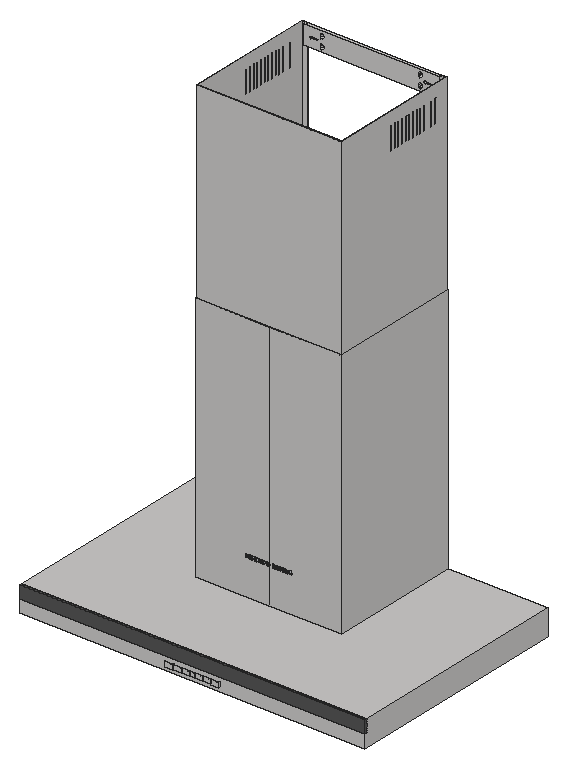
Revit family "FP_Revit_18_HC30DTXB2_N_Rangehood_90001863A", category Specialty Equipment, Revit 2018
Family settings
  Round Connector Dimension = Use Diameter
  Part Type = Normal
  OmniClass Number = 23.40.40.00
  OmniClass Title = Food Service Equipment and Furnishings
  Work Plane-Based = No
  Always vertical = Yes
  Cut with Voids When Loaded = Yes
  Shared = No
  Room Calculation Point = No
Parameters
  Visibility - Upper Chimney Extension [instance] = yes
  URL = "www.fisherpaykel.com"
  Product - Width = 755 mm  # constant formula
  Product - Height (635mm - 1022mm) Ducted [instance] = 1022 mm
  Product - Depth = 500 mm  # constant formula
  Model = "HC30DTXB2_N"
  Material - Display Panel = Fisher & Paykel - Glass, Black
  Material - Body = Fisher & Paykel - Stainless Steel
  Manufacturer = "Fisher & Paykel Appliances"
  FFL Offset [instance] = 1565 mm
  Description = "30\" Rangehood"
  Connector Description - Extraction = "6” (152 mm) diameter, rigid or semi-rigid ducting, 600 CFM"
  Connector Description - Electrical = "120 V, 60 Hz, 543 W"
  Chassis - Width = 320 mm  # constant formula
  Chassis - Height = 604 mm  # constant formula
  Chassis - Depth = 291 mm  # constant formula
Reference planes
  plane 1 "Datum": y = 0
  plane 2: z = 0
  plane 3 "Center (Left/Right)": x = 0
  plane 4 "Product LHS": x = -377.5
  plane 5 "Product RHS": x = 377.5
  plane 6 "Product - Depth": y = -500
  plane 7 "Cavity LHS": x = -160
  plane 8 "Cavity RHS": x = 160
  plane 9 "Chassis - Depth": y = -291
  plane 10 "FFL Offset": z = 1565
  plane 11 "Product - Height": z = 2587
Forms (mm)
  Extrusion 1, solid, material "Fisher & Paykel - Stainless Steel" <- "Material - Body"
    sketch origin (0, 0, 0) x (1, 0, 0) y (0, 1, 0)
      loop
        line (-145, 0) -> (-160, 0) -> (-160, -291) -> (0, -291) -> (160, -291) -> (160, 0) -> (145, 0) -> (145, -1) -> (159, -1) -> (159, -290) -> (-159, -290) -> (-159, -1) -> (-145, -1) -> (-145, 0)
    from 1621 to 2169
  Extrusion 2, solid, material "Fisher & Paykel - Stainless Steel" <- "Material - Body", visible <- "Visibility - Upper Chimney Extension"
    sketch origin (0, 0, 0) x (1, 0, 0) y (0, 1, 0)
      loop
        line (-158, -3) -> (-145, -3) -> (-145, -2) -> (-159, -2) -> (-159, -290) -> (159, -290) -> (159, -2) -> (145, -2) -> (145, -3) -> (158, -3) -> (158, -289.044) -> (-158, -289.044) -> (-158, -3)
    from 2136 to 2587
  Extrusion 3, solid, material "Fisher & Paykel - Stainless Steel" <- "Material - Body"
    sketch origin (0, 0, 0) x (1, 0, 0) y (0, 1, 0)
      loop
        line (-377.5, 0) -> (-377.5, -500) -> (377.5, -500) -> (377.5, 0) -> (-377.5, 0)
    from 1565 to 1621
  Extrusion 4, void
    sketch origin (0, 0, 0) x (0, 1, 0) y (0, 0, 1)
      loop
        line (-500, 1621) -> (-500, 1592.5) -> (-495, 1592.5) -> (-495, 1621) -> (-500, 1621)
    from -377.5 to 377.5
  Extrusion 5, solid, material "Fisher & Paykel - Glass, Black" <- "Material - Display Panel", detail levels fine
    sketch origin (0, 0, 1000) x (0, 1, 0) y (0, 0, 1)
      loop
        line (-495, 592.5) -> (-495, 621) -> (-500, 621) -> (-500, 592.5) -> (-495, 592.5)
    from -377.5 to 377.5
  Extrusion 6, solid, material "Fisher & Paykel - Stainless Steel" <- "Material - Body"
    sketch origin (0, 0, 0) x (1, 0, 0) y (0, 1, 0)
      loop
        line (159, -1) -> (-159, -1) -> (-159, -290) -> (159, -290) -> (159, -1)
    from 1621 to 1844.3
  Extrusion 7, solid, material "Fisher & Paykel - Stainless Steel" <- "Material - Body"
    sketch origin (0, 0, 0) x (1, 0, 0) y (0, 1, 0)
      loop
        circle (0, -83.502) r 73.896
      loop
        circle (0, -83.502) r 75.04
    from 1844.3 to 1921.3
  Extrusion 8, solid, material "Fisher & Paykel - Stainless Steel" <- "Material - Body"
    sketch origin (0, 0, 0) x (1, 0, 0) y (0, 0, 1)
      loop
        line (-145, 1857) -> (-145, 1833) -> (145, 1833) -> (145, 1857) -> (-145, 1857)
      loop
        line (-127.5, 1848) -> (-127.5, 1846.33)
        arc (-127.5, 1846.33) -> (-125, 1837) -> (-122.5, 1846.33) r 5
        line (-122.5, 1846.33) -> (-122.5, 1848)
        arc (-122.5, 1848) -> (-125, 1850.5) -> (-127.5, 1848) r 2.5
      loop
        line (122.5, 1848) -> (122.5, 1846.33)
        arc (122.5, 1846.33) -> (125, 1837) -> (127.5, 1846.33) r 5
        line (127.5, 1846.33) -> (127.5, 1848)
        arc (127.5, 1848) -> (125, 1850.5) -> (122.5, 1848) r 2.5
    from 0 to 2
  Extrusion 9, solid, material "Fisher & Paykel - Stainless Steel" <- "Material - Body", visible <- "Visibility - Upper Chimney Extension"
    sketch origin (0, 0, 0) x (1, 0, 0) y (0, 0, 1)
      loop
        line (-150, 2544.811) -> (150, 2544.811) -> (150, 2587) -> (-150, 2587) -> (-150, 2544.811)
      loop
        line (104, 2578.5) -> (104, 2574.5)
        arc (104, 2574.5) -> (108, 2570.5) -> (112, 2574.5) r 4
        line (112, 2574.5) -> (112, 2578.5)
        arc (112, 2578.5) -> (108, 2582.5) -> (104, 2578.5) r 4
      loop
        arc (112, 2557.5) -> (108, 2561.5) -> (104, 2557.5) r 4
        line (104, 2557.5) -> (104, 2552.794)
        arc (104, 2552.794) -> (108, 2549.544) -> (112, 2552.794) r 4.087
        line (112, 2552.794) -> (112, 2557.5)
      loop
        arc (117.5, 2568.5) -> (115, 2566) -> (117.5, 2563.5) r 2.5
        line (117.5, 2563.5) -> (132.5, 2563.5)
        arc (132.5, 2563.5) -> (135, 2566) -> (132.5, 2568.5) r 2.5
        line (132.5, 2568.5) -> (117.5, 2568.5)
      loop
        arc (-104, 2578.5) -> (-108, 2582.5) -> (-112, 2578.5) r 4
        line (-112, 2578.5) -> (-112, 2574.5)
        arc (-112, 2574.5) -> (-108, 2570.5) -> (-104, 2574.5) r 4
        line (-104, 2574.5) -> (-104, 2578.5)
      loop
        line (-112, 2557.5) -> (-112, 2552.794)
        arc (-112, 2552.794) -> (-108, 2549.544) -> (-104, 2552.794) r 4.087
        line (-104, 2552.794) -> (-104, 2557.5)
        arc (-104, 2557.5) -> (-108, 2561.5) -> (-112, 2557.5) r 4
      loop
        line (-117.5, 2568.5) -> (-132.5, 2568.5)
        arc (-132.5, 2568.5) -> (-135, 2566) -> (-132.5, 2563.5) r 2.5
        line (-132.5, 2563.5) -> (-117.5, 2563.5)
        arc (-117.5, 2563.5) -> (-115, 2566) -> (-117.5, 2568.5) r 2.5
    from 3 to 9
  Extrusion 10, void
    sketch origin (0, 0, 0) x (0, 1, 0) y (0, 0, 1)
      loop
        line (-158, 2559.5) -> (-158, 2509.5)
        arc (-158, 2509.5) -> (-155.5, 2507) -> (-153, 2509.5) r 2.5
        line (-153, 2509.5) -> (-153, 2559.5)
        arc (-153, 2559.5) -> (-155.5, 2562) -> (-158, 2559.5) r 2.5
      loop
        line (-148, 2559.5) -> (-148, 2509.5)
        arc (-148, 2509.5) -> (-145.5, 2507) -> (-143, 2509.5) r 2.5
        line (-143, 2509.5) -> (-143, 2559.5)
        arc (-143, 2559.5) -> (-145.5, 2562) -> (-148, 2559.5) r 2.5
      loop
        line (-138, 2559.5) -> (-138, 2509.5)
        arc (-138, 2509.5) -> (-135.5, 2507) -> (-133, 2509.5) r 2.5
        line (-133, 2509.5) -> (-133, 2559.5)
        arc (-133, 2559.5) -> (-135.5, 2562) -> (-138, 2559.5) r 2.5
      loop
        line (-128, 2559.5) -> (-128, 2509.5)
        arc (-128, 2509.5) -> (-125.5, 2507) -> (-123, 2509.5) r 2.5
        line (-123, 2509.5) -> (-123, 2559.5)
        arc (-123, 2559.5) -> (-125.5, 2562) -> (-128, 2559.5) r 2.5
      loop
        line (-118, 2559.5) -> (-118, 2509.5)
        arc (-118, 2509.5) -> (-115.5, 2507) -> (-113, 2509.5) r 2.5
        line (-113, 2509.5) -> (-113, 2559.5)
        arc (-113, 2559.5) -> (-115.5, 2562) -> (-118, 2559.5) r 2.5
      loop
        line (-108, 2559.5) -> (-108, 2509.5)
        arc (-108, 2509.5) -> (-105.5, 2507) -> (-103, 2509.5) r 2.5
        line (-103, 2509.5) -> (-103, 2559.5)
        arc (-103, 2559.5) -> (-105.5, 2562) -> (-108, 2559.5) r 2.5
      loop
        line (-98, 2559.5) -> (-98, 2509.5)
        arc (-98, 2509.5) -> (-95.5, 2507) -> (-93, 2509.5) r 2.5
        line (-93, 2509.5) -> (-93, 2559.5)
        arc (-93, 2559.5) -> (-95.5, 2562) -> (-98, 2559.5) r 2.5
      loop
        line (-88, 2559.5) -> (-88, 2509.5)
        arc (-88, 2509.5) -> (-85.5, 2507) -> (-83, 2509.5) r 2.5
        line (-83, 2509.5) -> (-83, 2559.5)
        arc (-83, 2559.5) -> (-85.5, 2562) -> (-88, 2559.5) r 2.5
      loop
        line (-78, 2559.5) -> (-78, 2509.5)
        arc (-78, 2509.5) -> (-75.5, 2507) -> (-73, 2509.5) r 2.5
        line (-73, 2509.5) -> (-73, 2559.5)
        arc (-73, 2559.5) -> (-75.5, 2562) -> (-78, 2559.5) r 2.5
      loop
        line (-68, 2559.5) -> (-68, 2509.5)
        arc (-68, 2509.5) -> (-65.5, 2507) -> (-63, 2509.5) r 2.5
        line (-63, 2509.5) -> (-63, 2559.5)
        arc (-63, 2559.5) -> (-65.5, 2562) -> (-68, 2559.5) r 2.5
      loop
        line (-58, 2559.5) -> (-58, 2509.5)
        arc (-58, 2509.5) -> (-55.5, 2507) -> (-53, 2509.5) r 2.5
        line (-53, 2509.5) -> (-53, 2559.5)
        arc (-53, 2559.5) -> (-55.5, 2562) -> (-58, 2559.5) r 2.5
      loop
        line (-48, 2559.5) -> (-48, 2509.5)
        arc (-48, 2509.5) -> (-45.5, 2507) -> (-43, 2509.5) r 2.5
        line (-43, 2509.5) -> (-43, 2559.5)
        arc (-43, 2559.5) -> (-45.5, 2562) -> (-48, 2559.5) r 2.5
      loop
        line (-38, 2559.5) -> (-38, 2509.5)
        arc (-38, 2509.5) -> (-35.5, 2507) -> (-33, 2509.5) r 2.5
        line (-33, 2509.5) -> (-33, 2559.5)
        arc (-33, 2559.5) -> (-35.5, 2562) -> (-38, 2559.5) r 2.5
    from -159 to 159
  Extrusion 11, solid, material "Fisher & Paykel - Stainless Steel" <- "Material - Body", detail levels fine
    sketch origin (0, 0, 1000) x (1, 0, 0) y (0, 0, 1)
      loop
        line (-59, 583) -> (-59, 573) -> (-41.5, 573) -> (-41.5, 583) -> (-59, 583)
      loop
        line (-41, 583) -> (-41, 573) -> (-23.5, 573) -> (-23.5, 583) -> (-41, 583)
      loop
        line (-23, 583) -> (-23, 573) -> (-5.5, 573) -> (-5.5, 583) -> (-23, 583)
      loop
        line (-5, 583) -> (-5, 573) -> (5, 573) -> (5, 583) -> (-5, 583)
      loop
        line (59, 583) -> (41.5, 583) -> (41.5, 573) -> (59, 573) -> (59, 583)
      loop
        line (41, 583) -> (23.5, 583) -> (23.5, 573) -> (41, 573) -> (41, 583)
      loop
        line (23, 583) -> (5.5, 583) -> (5.5, 573) -> (23, 573) -> (23, 583)
    from 500 to 501
  Extrusion 12, solid, material "Fisher & Paykel - Stainless Steel" <- "Material - Body"
    sketch origin (0, 0, 0) x (1, 0, 0) y (0, 0, 1)
      loop
        line (145, 2131) -> (-145, 2131) -> (-145, 2091) -> (145, 2091) -> (145, 2131)
      loop
        line (125, 2113.5) -> (110, 2113.5)
        arc (110, 2113.5) -> (107.5, 2111) -> (110, 2108.5) r 2.5
        line (110, 2108.5) -> (125, 2108.5)
        arc (125, 2108.5) -> (127.5, 2111) -> (125, 2113.5) r 2.5
      loop
        arc (-125, 2113.5) -> (-127.5, 2111) -> (-125, 2108.5) r 2.5
        line (-125, 2108.5) -> (-110, 2108.5)
        arc (-110, 2108.5) -> (-107.5, 2111) -> (-110, 2113.5) r 2.5
        line (-110, 2113.5) -> (-125, 2113.5)
    from 2 to 9
  Extrusion 13, solid, material "Fisher & Paykel - Stainless Steel" <- "Material - Body"
    sketch origin (0, 0, 0) x (1, 0, 0) y (0, 0, 1)
      loop
        line (107.5, 1844.3) -> (108.5, 1844.3) -> (108.5, 1970.3) -> (66.5, 1970.3) -> (66.5, 1880.3) -> (107.5, 1880.3) -> (107.5, 1844.3)
    from 126.369 to 163.604
  Extrusion 14, solid, material "Fisher & Paykel - Stainless Steel" <- "Material - Body"
    sketch origin (0, 0, 0) x (1, 0, 0) y (0, 1, 0)
      loop
        circle (87.5, -146) r 6.01
      loop
        circle (87.5, -146) r 12.005
    from 1970.3 to 1972.3
  Extrusion 15, void
    sketch origin (0, 0, 0) x (1, 0, 0) y (0, 1, 0)
      loop
        line (-259, -402) -> (261, -402) -> (261, -80) -> (-259, -80) -> (-259, -402)
      loop
        circle (-133, -48) r 25
      loop
        circle (133, -48) r 25
    from 1565 to 1574
  Extrusion 16, solid, material "Fisher & Paykel - Stainless Steel" <- "Material - Body", detail levels fine
    sketch origin (0, 0, 0) x (1, 0, 0) y (0, 1, 0)
      loop
        line (259, -81.5) -> (0.5, -81.5) -> (0.5, -400.5) -> (259, -400.5) -> (259, -81.5)
      loop
        line (11.5, -390) -> (111.5, -390) -> (111.5, -346.5) -> (148.5, -346.5) -> (148.5, -390) -> (248.5, -390) -> (248.5, -92) -> (11.5, -92) -> (11.5, -390)
      loop
        line (140.5, -352.5) -> (119.5, -352.5) -> (119.5, -390) -> (140.5, -390) -> (140.5, -352.5)
      loop
        line (-259, -81.5) -> (-259, -400.5) -> (-0.5, -400.5) -> (-0.5, -81.5) -> (-259, -81.5)
      loop
        line (-11.5, -390) -> (-11.5, -92) -> (-248.5, -92) -> (-248.5, -390) -> (-148.5, -390) -> (-148.5, -346.5) -> (-111.5, -346.5) -> (-111.5, -390) -> (-11.5, -390)
      loop
        line (-140.5, -352.5) -> (-140.5, -390) -> (-119.5, -390) -> (-119.5, -352.5) -> (-140.5, -352.5)
    from 1565 to 1574
  Extrusion 17, solid, material "Fisher & Paykel - Aluminium", detail levels medium+fine
    sketch origin (0, 0, 0) x (1, 0, 0) y (0, 1, 0)
      loop
        line (248.5, -92) -> (11.5, -92) -> (11.5, -390) -> (111.5, -390) -> (111.5, -346.5) -> (148.5, -346.5) -> (148.5, -390) -> (248.5, -390) -> (248.5, -92)
      loop
        line (-248.5, -92) -> (-248.5, -390) -> (-148.5, -390) -> (-148.5, -346.5) -> (-111.5, -346.5) -> (-111.5, -390) -> (-11.5, -390) -> (-11.5, -92) -> (-248.5, -92)
    from 1565 to 1574
  Extrusion 18, solid, material "Fisher & Paykel - Bezel White", detail levels fine
    sketch origin (0, 0, 0) x (1, 0, 0) y (0, 1, 0)
      loop
        circle (-133, -48) r 22
      loop
        circle (133, -48) r 22
    from 1565 to 1574
  Extrusion 19, void
    sketch origin (0, 0, 0) x (1, 0, 0) y (0, 0, 1)
      loop
        circle (245.5, 1588) r 2.5
      loop
        circle (151.014, 2092) r 3.5
      loop
        circle (-245.5, 1588) r 2.5
      loop
        circle (-151.014, 2092) r 3.5
    from 0 to 7
  Extrusion 20, solid, material "Fisher & Paykel - Stainless Steel" <- "Material - Body", detail levels fine
    sketch origin (0, 0, 0) x (1, 0, 0) y (0, 1, 0)
      loop
        circle (-133, -48) r 25
      loop
        circle (-133, -48) r 22
      loop
        circle (133, -48) r 25
      loop
        circle (133, -48) r 22
    from 1565 to 1574
Cuts and joins
  Extrusion 4, Extrusion 15, Extrusion 19 cuts Extrusion 3
  Extrusion 10 cuts Extrusion 2
  Extrusion 19 cuts Extrusion 1
Text (mm)
  text "Due to ongoing product development, product details are subject to change without notice. \nPlease always refer to www.fisherpaykel.com for the most current product information. \n© Fisher & Paykel 2020" at (41.04, -1225.549, 0), in view "Ref. Level (Plan)"
Dimensions and locks
  equal spacing: plane 4 "Product LHS", plane 3 "Center (Left/Right)", plane 5 "Product RHS"
  "Product - Width": plane 4 "Product LHS" to plane 5 "Product RHS"
  equal spacing: plane 7 "Cavity LHS", plane 3 "Center (Left/Right)", plane 8 "Cavity RHS"
  "Chassis - Width": plane 7 "Cavity LHS" to plane 8 "Cavity RHS"
  locked: Extrusion 1 sketch curve to Extrusion 1 sketch curve at 1  (x3)
  locked: Extrusion 2 to Extrusion 2 at 451
  "Product - Depth": plane 6 "Product - Depth" to plane 1 "Datum"
  "FFL Offset": plane 10 "FFL Offset" to level
  "Chassis - Height": Extrusion 1 to plane 10 "FFL Offset"
  locked: Extrusion 7 to plane 10 "FFL Offset" at 356.3
  locked: cut or joined group of Extrusion 3, Extrusion 4, Extrusion 15, Extrusion 19 to plane 10 "FFL Offset" at 56
  cut or joined group of Extrusion 3, Extrusion 4, Extrusion 15, Extrusion 19 to Extrusion 13 sketch curve = 259.3 mm
  cut or joined group of Extrusion 3, Extrusion 4, Extrusion 15, Extrusion 19 to Extrusion 13 sketch curve = 349.3 mm
  locked: cut or joined group of Extrusion 3, Extrusion 4, Extrusion 15, Extrusion 19 to plane 10 "FFL Offset" at 9
  locked: Extrusion 14 to plane 10 "FFL Offset" at 407.3
  locked: Extrusion 5 to plane 10 "FFL Offset" at 27.5
  locked: plane 10 "FFL Offset" to nested 1 at 134.155
  locked: Extrusion 11 to plane 10 "FFL Offset" at 8
  locked: Extrusion 11 to plane 10 "FFL Offset" at 18
  locked: plane 10 "FFL Offset" to cut or joined group of Extrusion 3, Extrusion 4, Extrusion 15, Extrusion 19 at 23
  locked: plane 10 "FFL Offset" to cut or joined group of Extrusion 1, Extrusion 19 at 527
  locked: Extrusion 6 to plane 10 "FFL Offset" at 279.3
  locked: Extrusion 13 to plane 10 "FFL Offset" at 405.3
  locked: plane 10 "FFL Offset" to Extrusion 12 at 526
  locked: plane 10 "FFL Offset" to Extrusion 12 at 566
  "Product - Height (635mm - 1022mm) Ducted": plane 11 "Product - Height" to plane 10 "FFL Offset"
  locked: plane 11 "Product - Height" to Extrusion 10 sketch curve at 27.5
  locked: plane 11 "Product - Height" to Extrusion 10 sketch curve at 77.5
  locked: Extrusion 9 sketch curve to plane 11 "Product - Height" at 42.189
  locked: Extrusion 9 sketch curve to plane 11 "Product - Height" at 21
  "Chassis - Depth": plane 1 "Datum" to plane 9 "Chassis - Depth"
  aligned and locked: level to plane 2
  aligned and locked: Extrusion 1 sketch curve to plane 7 "Cavity LHS"
  aligned and locked: plane 8 "Cavity RHS" to Extrusion 1 sketch curve
  aligned and locked: plane 1 "Datum" to Extrusion 1 sketch curve  (x2)
  aligned and locked: plane 9 "Chassis - Depth" to Extrusion 1 sketch curve
  aligned and locked: plane 5 "Product RHS" to Extrusion 3 sketch curve
  aligned and locked: plane 1 "Datum" to Extrusion 3 sketch curve
  aligned and locked: Extrusion 3 sketch curve to plane 4 "Product LHS"
  aligned and locked: plane 6 "Product - Depth" to Extrusion 3 sketch curve
  aligned and locked: plane 6 "Product - Depth" to Extrusion 4 sketch curve
  aligned and locked: Extrusion 4 sketch curve to cut or joined group of Extrusion 3, Extrusion 4, Extrusion 15, Extrusion 19
  aligned and locked: Extrusion 4 to plane 5 "Product RHS"
  aligned and locked: plane 4 "Product LHS" to Extrusion 4
  aligned and locked: cut or joined group of Extrusion 3, Extrusion 4, Extrusion 15, Extrusion 19 to Extrusion 5
  aligned and locked: Extrusion 5 to cut or joined group of Extrusion 3, Extrusion 4, Extrusion 15, Extrusion 19
  aligned and locked: Extrusion 1 to Extrusion 6
  aligned and locked: Extrusion 7 to Extrusion 6
  aligned and locked: Extrusion 10 to Extrusion 1  (x2)
  aligned and locked: plane 6 "Product - Depth" to Extrusion 11
  aligned and locked: Extrusion 9 sketch curve to Extrusion 9 sketch curve
  aligned and locked: Extrusion 3 to plane 10 "FFL Offset"
  aligned and locked: Extrusion 6 to cut or joined group of Extrusion 3, Extrusion 4, Extrusion 15, Extrusion 19
  aligned and locked: Extrusion 13 sketch curve to Extrusion 6
  aligned and locked: Extrusion 3 to Extrusion 15
  aligned and locked: cut or joined group of Extrusion 3, Extrusion 4, Extrusion 15, Extrusion 19 to Extrusion 16  (x2)
  aligned and locked: cut or joined group of Extrusion 3, Extrusion 4, Extrusion 15, Extrusion 19 to Extrusion 17  (x2)
  aligned and locked: Extrusion 18 to Extrusion 17
  aligned and locked: cut or joined group of Extrusion 3, Extrusion 4, Extrusion 15, Extrusion 19 to Extrusion 18
  aligned and locked: Extrusion 4 to Extrusion 5
  aligned and locked: Extrusion 1 to Extrusion 5
  aligned and locked: plane 11 "Product - Height" to Extrusion 9
  aligned and locked: plane 11 "Product - Height" to cut or joined group of Extrusion 2, Extrusion 10
  aligned and locked: plane 11 "Product - Height" to Extrusion 9 sketch curve
  aligned and locked: Extrusion 14 to Extrusion 13
  aligned and locked: Extrusion 20 to cut or joined group of Extrusion 3, Extrusion 4, Extrusion 15, Extrusion 19
  aligned and locked: Extrusion 20 to plane 10 "FFL Offset"
Automatic sketch dimensions
  Extrusion 1 sketch curve to plane 3 "Center (Left/Right)" = 0 mm
  plane 1 "Datum" to Extrusion 1 sketch curve = 1 mm  (x2)
  Extrusion 1 sketch curve to Extrusion 1 sketch curve = 14 mm
  plane 8 "Cavity RHS" to Extrusion 1 sketch curve = 15 mm
  plane 6 "Product - Depth" to Extrusion 4 sketch curve = 5 mm
  level to Extrusion 4 sketch curve = 1592.5 mm
  Extrusion 5 sketch curve to Extrusion 5 sketch curve = 28.5 mm
  Extrusion 6 sketch curve to plane 7 "Cavity LHS" = 1 mm
  plane 8 "Cavity RHS" to Extrusion 6 sketch curve = 1 mm
  plane 9 "Chassis - Depth" to Extrusion 6 sketch curve = 1 mm
  plane 1 "Datum" to Extrusion 6 sketch curve = 1 mm
  Extrusion 7 sketch curve to Extrusion 7 sketch curve = 0 mm  (x2)
  Extrusion 7 sketch curve to plane 3 "Center (Left/Right)" = 0 mm
  plane 1 "Datum" to Extrusion 7 sketch curve = 83.502 mm
  Extrusion 2 sketch curve to plane 7 "Cavity LHS" = 1 mm
  Extrusion 2 sketch curve to Extrusion 2 sketch curve = 1 mm  (x3)
  plane 1 "Datum" to Extrusion 2 sketch curve = 3 mm  (x2)
  Extrusion 2 sketch curve to Extrusion 2 sketch curve = 13 mm
  plane 8 "Cavity RHS" to Extrusion 2 sketch curve = 15 mm
  plane 8 "Cavity RHS" to Extrusion 2 sketch curve = 2 mm
  plane 8 "Cavity RHS" to Extrusion 2 sketch curve = 1 mm
  plane 9 "Chassis - Depth" to Extrusion 2 sketch curve = 1.956 mm
  plane 9 "Chassis - Depth" to Extrusion 2 sketch curve = 1 mm
  Extrusion 8 sketch curve to plane 7 "Cavity LHS" = 15 mm
  Extrusion 8 sketch curve to Extrusion 8 sketch curve = 17.5 mm
  Extrusion 8 sketch curve to Extrusion 8 sketch curve = 2.5 mm  (x4)
  plane 8 "Cavity RHS" to Extrusion 8 sketch curve = 37.5 mm
  plane 8 "Cavity RHS" to Extrusion 8 sketch curve = 15 mm
  Extrusion 8 sketch curve to Extrusion 8 sketch curve = 9 mm  (x3)
  Extrusion 8 sketch curve to Extrusion 8 sketch curve = 4.33 mm  (x2)
  Extrusion 8 sketch curve to Extrusion 8 sketch curve = 1.67 mm  (x2)
  plane 1 "Datum" to Extrusion 10 sketch curve = 158 mm
  Extrusion 10 sketch curve to Extrusion 10 sketch curve = 2.5 mm  (x13)
  Extrusion 10 sketch curve to Extrusion 10 sketch curve = 5 mm  (x12)
  Extrusion 10 sketch curve to Extrusion 10 sketch curve = 0 mm  (x24)
  Extrusion 11 sketch curve to Extrusion 11 sketch curve = 17.5 mm  (x6)
  Extrusion 11 sketch curve to Extrusion 11 sketch curve = 0.5 mm  (x6)
  Extrusion 11 sketch curve to Extrusion 11 sketch curve = 0 mm  (x10)
  Extrusion 11 sketch curve to Extrusion 11 sketch curve = 10 mm  (x4)
  Extrusion 14 sketch curve to Extrusion 14 sketch curve = 0 mm  (x2)
  plane 8 "Cavity RHS" to Extrusion 14 sketch curve = 72.5 mm
  plane 1 "Datum" to Extrusion 14 sketch curve = 146 mm
  plane 3 "Center (Left/Right)" to Extrusion 13 sketch curve = 66.5 mm
  Extrusion 13 sketch curve to Extrusion 13 sketch curve = 41 mm
  Extrusion 13 sketch curve to Extrusion 13 sketch curve = 1 mm
  Extrusion 5 sketch curve to Extrusion 5 sketch curve = 5 mm
  Extrusion 5 sketch curve to plane 6 "Product - Depth" = 0 mm
  plane 10 "FFL Offset" to Extrusion 5 sketch curve = 27.5 mm
  plane 10 "FFL Offset" to Extrusion 11 sketch curve = 8 mm
  Extrusion 11 sketch curve to plane 3 "Center (Left/Right)" = 59 mm
  plane 10 "FFL Offset" to Extrusion 8 sketch curve = 268 mm
  plane 10 "FFL Offset" to Extrusion 19 sketch curve = 23 mm  (x2)
  Extrusion 19 sketch curve to plane 4 "Product LHS" = 132 mm
  Extrusion 19 sketch curve to plane 7 "Cavity LHS" = 8.986 mm
  plane 8 "Cavity RHS" to Extrusion 19 sketch curve = 8.986 mm
  plane 5 "Product RHS" to Extrusion 19 sketch curve = 132 mm
  Extrusion 19 sketch curve to Extrusion 19 sketch curve = 0 mm
  plane 10 "FFL Offset" to Extrusion 19 sketch curve = 527 mm
  Extrusion 9 sketch curve to plane 7 "Cavity LHS" = 10 mm
  Extrusion 9 sketch curve to Extrusion 9 sketch curve = 17.5 mm
  Extrusion 9 sketch curve to Extrusion 9 sketch curve = 15 mm  (x2)
  Extrusion 9 sketch curve to Extrusion 9 sketch curve = 5.5 mm  (x3)
  Extrusion 9 sketch curve to Extrusion 9 sketch curve = 4 mm  (x6)
  Extrusion 9 sketch curve to Extrusion 9 sketch curve = 0 mm  (x3)
  Extrusion 9 sketch curve to plane 11 "Product - Height" = 8.5 mm
  plane 8 "Cavity RHS" to Extrusion 9 sketch curve = 56 mm
  plane 8 "Cavity RHS" to Extrusion 9 sketch curve = 10 mm
  Extrusion 9 sketch curve to Extrusion 9 sketch curve = 6 mm  (x4)
  Extrusion 9 sketch curve to Extrusion 9 sketch curve = 2.5 mm
  Extrusion 9 sketch curve to Extrusion 9 sketch curve = 3.87 mm  (x2)
  Extrusion 9 sketch curve to Extrusion 9 sketch curve = 0.837 mm  (x2)
  plane 7 "Cavity LHS" to Extrusion 16 sketch curve = 99 mm
  Extrusion 16 sketch curve to Extrusion 16 sketch curve = 10.5 mm  (x6)
  Extrusion 16 sketch curve to plane 7 "Cavity LHS" = 11.5 mm
  Extrusion 16 sketch curve to Extrusion 16 sketch curve = 8 mm  (x4)
  Extrusion 16 sketch curve to Extrusion 16 sketch curve = 21 mm
  Extrusion 16 sketch curve to plane 3 "Center (Left/Right)" = 11.5 mm
  Extrusion 16 sketch curve to plane 3 "Center (Left/Right)" = 0.5 mm
  plane 3 "Center (Left/Right)" to Extrusion 16 sketch curve = 0.5 mm
  plane 3 "Center (Left/Right)" to Extrusion 16 sketch curve = 11.5 mm
  plane 8 "Cavity RHS" to Extrusion 16 sketch curve = 48.5 mm
  plane 8 "Cavity RHS" to Extrusion 16 sketch curve = 19.5 mm
  Extrusion 16 sketch curve to plane 8 "Cavity RHS" = 88.5 mm
  plane 6 "Product - Depth" to Extrusion 16 sketch curve = 99.5 mm  (x2)
  Extrusion 16 sketch curve to plane 9 "Chassis - Depth" = 99 mm
  Extrusion 16 sketch curve to Extrusion 16 sketch curve = 0 mm  (x4)
  Extrusion 16 sketch curve to Extrusion 16 sketch curve = 37.5 mm  (x2)
  Extrusion 16 sketch curve to Extrusion 16 sketch curve = 6 mm  (x2)
  plane 1 "Datum" to Extrusion 16 sketch curve = 92 mm
  Extrusion 20 sketch curve to Extrusion 20 sketch curve = 0 mm  (x5)
  Extrusion 20 sketch curve to plane 7 "Cavity LHS" = 27 mm
  plane 1 "Datum" to Extrusion 20 sketch curve = 48 mm  (x2)
  plane 8 "Cavity RHS" to Extrusion 20 sketch curve = 27 mm
  Extrusion 18 sketch curve to plane 7 "Cavity LHS" = 27 mm
  plane 8 "Cavity RHS" to Extrusion 18 sketch curve = 27 mm
  plane 1 "Datum" to Extrusion 18 sketch curve = 48 mm  (x2)
  plane 7 "Cavity LHS" to Extrusion 15 sketch curve = 99 mm
  Extrusion 15 sketch curve to plane 7 "Cavity LHS" = 27 mm
  plane 8 "Cavity RHS" to Extrusion 15 sketch curve = 27 mm
  Extrusion 15 sketch curve to plane 8 "Cavity RHS" = 101 mm
  plane 6 "Product - Depth" to Extrusion 15 sketch curve = 98 mm
  plane 1 "Datum" to Extrusion 15 sketch curve = 80 mm
  plane 1 "Datum" to Extrusion 15 sketch curve = 48 mm  (x2)
  plane 7 "Cavity LHS" to Extrusion 17 sketch curve = 88.5 mm
  Extrusion 17 sketch curve to plane 7 "Cavity LHS" = 11.5 mm
  Extrusion 17 sketch curve to Extrusion 17 sketch curve = 37 mm
  Extrusion 17 sketch curve to plane 3 "Center (Left/Right)" = 11.5 mm
  plane 3 "Center (Left/Right)" to Extrusion 17 sketch curve = 11.5 mm
  plane 8 "Cavity RHS" to Extrusion 17 sketch curve = 48.5 mm
  plane 8 "Cavity RHS" to Extrusion 17 sketch curve = 11.5 mm
  Extrusion 17 sketch curve to plane 8 "Cavity RHS" = 88.5 mm
  Extrusion 17 sketch curve to plane 9 "Chassis - Depth" = 99 mm  (x2)
  Extrusion 17 sketch curve to Extrusion 17 sketch curve = 0 mm  (x2)
  Extrusion 17 sketch curve to Extrusion 17 sketch curve = 43.5 mm  (x2)
  plane 1 "Datum" to Extrusion 17 sketch curve = 92 mm  (x2)
  Extrusion 12 sketch curve to plane 7 "Cavity LHS" = 15 mm
  Extrusion 12 sketch curve to Extrusion 12 sketch curve = 20 mm
  Extrusion 12 sketch curve to Extrusion 12 sketch curve = 15 mm  (x2)
  plane 8 "Cavity RHS" to Extrusion 12 sketch curve = 50 mm
  plane 8 "Cavity RHS" to Extrusion 12 sketch curve = 15 mm
  Extrusion 12 sketch curve to plane 11 "Product - Height" = 496 mm
  Extrusion 12 sketch curve to Extrusion 12 sketch curve = 17.5 mm  (x3)
  Extrusion 12 sketch curve to Extrusion 12 sketch curve = 2.5 mm  (x2)
  radius of Extrusion 7 sketch curve = 73.896 mm
  radius of Extrusion 7 sketch curve = 75.04 mm
  radius of Extrusion 14 sketch curve = 6.01 mm
  radius of Extrusion 14 sketch curve = 12.005 mm
  radius of Extrusion 19 sketch curve = 2.5 mm  (x2)
  radius of Extrusion 19 sketch curve = 3.5 mm  (x2)
  radius of Extrusion 20 sketch curve = 25 mm  (x2)
  radius of Extrusion 20 sketch curve = 22 mm  (x2)
  radius of Extrusion 18 sketch curve = 22 mm  (x2)
  radius of Extrusion 15 sketch curve = 25 mm  (x2)
Nested families
  nested 1: "F&P Logo 100mm" at (0.236, -291, 1699.263), type "Grey"
Connectors
  hvac at (0, -83.502, 1921.3), driven by "Connector Description - Extraction"
    settings: on Extrusion 7, index 1, duct flow 0.0 L/s, flow factor 0, pres drop 0.0 Pa, loss coef 0, conn angle 0.00°, conn width 304.8 mm, conn height 304.8 mm, conn diameter 150 mm, duct sys type 3, conn prof type 0, flow config 0, flow direction 2, loss method 0, conn ref index -1, conn util no, is conn primary yes, conn desc "6” (152 mm) diameter, rigid or semi-rigid ducting, 600 CFM"
  electrical at (87.5, -146, 1972.3), driven by "Connector Description - Electrical"
    settings: on Extrusion 14, index 2, voltage 120 V, apparent load 0 VA, apparent load phase1 0 VA, apparent load phase2 0 VA, apparent load phase3 0 VA, power factor 1, load classification "Other", number of poles 1, system type 30, power factor state 1, is connector primary yes, connector utility no, sub classification motor no, connector description "120 V, 60 Hz, 543 W"
Definition of nested family "F&P Logo 100mm"
  Parameters (values of type "Chrome")
    URL = "www.fisherpaykel.com"
    Material - Logo = none
    Manufacturer = "Fisher & Paykel Appliances"
  Types (3): name
    (no name)
    Chrome
    Grey
  Reference planes
    plane 1 "Center (Front/Back)": y = 0
    plane 2: z = 0
    plane 3 "Center (Left/Right)": x = 0
  Forms (mm)
    Extrusion 1, solid, material <- "Material - Logo", detail levels fine
      sketch origin (0, 0, 0) x (1, 0, 0) y (0, 0, 1)
        loop
          line (-50.044, 0) -> (-48.47, 0) -> (-48.47, 2.138) -> (-46.011, 2.138) -> (-46.011, 3.472) -> (-48.47, 3.472) -> (-48.47, 4.712) -> (-45.795, 4.712) -> (-45.795, 6.04) -> (-50.044, 6.04) -> (-50.044, 0)
        loop
          line (-42.804, 6.04) -> (-42.804, 0) -> (-41.23, 0) -> (-41.23, 6.04) -> (-42.804, 6.04)
        loop
          line (-30.724, 6.04) -> (-30.724, 0) -> (-29.151, 0) -> (-29.151, 2.42) -> (-26.839, 2.42) -> (-26.839, 0) -> (-25.265, 0) -> (-25.265, 6.04) -> (-26.839, 6.04) -> (-26.839, 3.748) -> (-29.151, 3.748) -> (-29.151, 6.04) -> (-30.724, 6.04)
        loop
          line (-21.906, 6.04) -> (-21.906, 0) -> (-17.602, 0) -> (-17.602, 1.328) -> (-20.347, 1.328) -> (-20.347, 2.42) -> (-17.838, 2.42) -> (-17.838, 3.748) -> (-20.347, 3.748) -> (-20.347, 4.712) -> (-17.602, 4.712) -> (-17.602, 6.04) -> (-21.906, 6.04)
        loop
          line (45.667, 6.04) -> (45.667, 0) -> (49.956, 0) -> (49.956, 1.328) -> (47.241, 1.328) -> (47.241, 6.04) -> (45.667, 6.04)
        loop
          line (42.431, 6.04) -> (38.112, 6.04) -> (38.112, 0) -> (42.431, 0) -> (42.431, 1.328) -> (39.687, 1.328) -> (39.687, 2.42) -> (42.195, 2.42) -> (42.195, 3.748) -> (39.687, 3.748) -> (39.687, 4.712) -> (42.431, 4.712) -> (42.431, 6.04)
        loop
          line (33.451, 3.148) -> (35.683, 6.04) -> (33.844, 6.04) -> (31.915, 3.542) -> (31.915, 6.04) -> (30.342, 6.04) -> (30.342, 0) -> (31.915, 0) -> (31.915, 2.705) -> (33.903, 0) -> (35.763, 0) -> (33.451, 3.148)
        loop
          line (21.98, 6.04) -> (24.262, 2.42) -> (24.262, 0) -> (25.837, 0) -> (25.837, 2.341) -> (28.119, 6.04) -> (26.446, 6.04) -> (25.099, 3.707) -> (23.753, 6.04) -> (21.98, 6.04)
        loop
          line (18.479, 6.04) -> (16.983, 6.04) -> (14.524, 0) -> (16.069, 0) -> (16.501, 1.112) -> (18.921, 1.112) -> (19.354, 0) -> (20.938, 0) -> (18.479, 6.04)
        loop
          line (18.4, 2.439) -> (17.693, 4.174) -> (17.018, 2.439) -> (18.4, 2.439)
        loop
          line (8.031, 6.04) -> (8.031, 0) -> (9.605, 0) -> (9.605, 1.938) -> (10.599, 1.938)
          arc (10.599, 1.938) -> (12.65, 3.989) -> (10.599, 6.04) r 2.051
          line (10.599, 6.04) -> (8.031, 6.04)
        loop
          line (9.605, 4.712) -> (9.605, 3.197) -> (10.501, 3.197)
          arc (10.501, 3.197) -> (11.259, 3.954) -> (10.501, 4.712) r 0.757
          line (10.501, 4.712) -> (9.605, 4.712)
        loop
          line (-11.783, 6.04) -> (-14.366, 6.04) -> (-14.366, 0) -> (-12.792, 0) -> (-12.792, 1.336) -> (-11.992, 1.336) -> (-10.972, 0) -> (-9.153, 0) -> (-10.694, 1.973)
          arc (-10.694, 1.973) -> (-9.678, 4.424) -> (-11.783, 6.04) r 2.179
        loop
          line (-11.897, 4.712) -> (-12.792, 4.712) -> (-12.792, 3.053) -> (-11.897, 3.053)
          arc (-11.897, 3.053) -> (-11.068, 3.882) -> (-11.897, 4.712) r 0.83
        loop
          line (0.477, 4.712) -> (0.477, 6.153) -> (-3.575, 6.153) -> (-3.575, 4.851) -> (-2.974, 4.112)
          arc (-2.974, 4.112) -> (-3.51, 0.684) -> (-0.045, 0.512) r 2.334
          line (-0.045, 0.512) -> (0.46, -0.109) -> (2.246, -0.109) -> (0.86, 1.594) -> (2.061, 3.324) -> (0.443, 3.324) -> (-0.013, 2.667) -> (-1.677, 4.712) -> (0.477, 4.712)
        loop
          arc (-2.125, 3.068) -> (-2.269, 1.668) -> (-0.868, 1.524) r 0.996
          line (-0.868, 1.524) -> (-2.125, 3.068)
        loop
          line (-35.18, 3.634) -> (-36.516, 3.91)
          arc (-36.516, 3.91) -> (-37.049, 4.443) -> (-36.516, 4.976) r 0.533
          arc (-36.516, 4.976) -> (-35.235, 4.79) -> (-34.059, 4.248) r 4.505
          line (-34.059, 4.248) -> (-34.059, 5.743)
          arc (-34.059, 5.743) -> (-35.549, 6.179) -> (-37.1, 6.109) r 4.726
          arc (-37.1, 6.109) -> (-38.536, 4.335) -> (-37.1, 2.561) r 1.814
          line (-37.1, 2.561) -> (-35.754, 2.282)
          arc (-35.754, 2.282) -> (-35.221, 1.749) -> (-35.754, 1.216) r 0.533
          arc (-35.754, 1.216) -> (-37.035, 1.402) -> (-38.211, 1.945) r 4.505
          line (-38.211, 1.945) -> (-38.211, 0.449)
          arc (-38.211, 0.449) -> (-36.72, 0.013) -> (-35.169, 0.083) r 4.726
          arc (-35.169, 0.083) -> (-33.734, 1.863) -> (-35.18, 3.634) r 1.814
      from 0 to 0.8
  Dimensions and locks
    aligned and locked: level to plane 2
